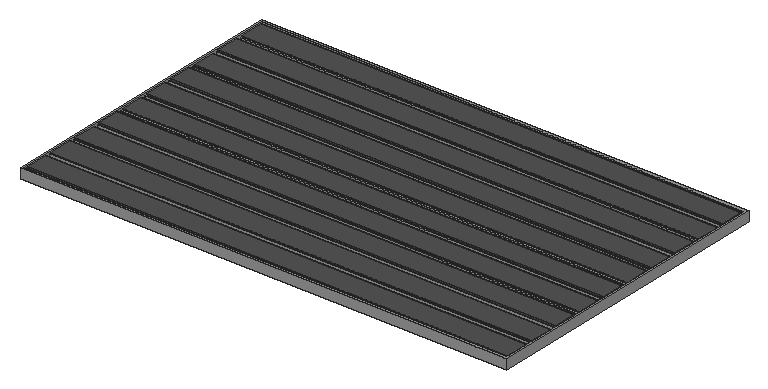
Revit family "Flooring_Entrance-Flooring_emco_DIPLOMAT-Premium", category Furniture Systems, host Face, Revit 2018 (continued)
Types in the file's own list only (99): name | z_slot_width | z_slot_offest | z_insert_width | z_insert_offset | z_edge_height | z_Height | Weight (kg/m2) | Tread surface | Slip resistance | Scraping edge | Profile width (mm) | Pile material | Normal | Model | Large | Height 22 | Height 17 | Height 12 | Flammability | EPIMID | Default Elevation | Colour fastness to water ISO 105 E01 | Colour fastness to rubbing ISO 105 X12 | Colour fastness to artificial light ISO 105-B02 | Brush strip
  With Innova insert 512 P Innova | 5 mm | 30 mm | 28 mm | 33 mm | 16 mm | 12 mm | 86 | "The exceptionally flexible Innova insert not only creates a sophisticated impression but also improves room acoustics." | "R 12 slip resistance as per DIN 51130" | No | "27.5 mm" | "100% PA 6 (polyamide)" | Yes | "With Innova insert 512 P Innova" | No | No | No | Yes | "Fire classification for the complete mat system Cfl-s1 in accordance with EN 13501" | "99842" | 1219 mm | "good 4-5" | "good 4-5" | "good 5-6" | No
  With Innova insert 517 P Innova | 5 mm | 30 mm | 28 mm | 33 mm | 20 mm | 17 mm | 9.4 | "The exceptionally flexible Innova insert not only creates a sophisticated impression but also improves room acoustics." | "R 12 slip resistance as per DIN 51130" | No | "27.5 mm" | "100% PA 6 (polyamide)" | Yes | "With Innova insert 517 P Innova" | No | No | Yes | No | "Fire classification for the complete mat system Cfl-s1 in accordance with EN 13501" | "99844" | 1219 mm | "good 4-5" | "good 4-5" | "good 5-6" | No
  With Innova insert 522 P Innova | 5 mm | 30 mm | 28 mm | 33 mm | 25 mm | 22 mm | 10.5 | "The exceptionally flexible Innova insert not only creates a sophisticated impression but also improves room acoustics." | "R 12 slip resistance as per DIN 51130" | No | "27.5 mm" | "100% PA 6 (polyamide)" | Yes | "With Innova insert 522 P Innova" | No | Yes | No | No | "Fire classification for the complete mat system Cfl-s1 in accordance with EN 13501" | "99846" | 1219 mm | "good 4-5" | "good 4-5" | "good 5-6" | No
  With Innova insert and brush strip 517 P Innova B | 20 mm | 37 mm | 28 mm | 47 mm | 20 mm | 17 mm | 9.4 | "The exceptionally flexible Innova insert not only creates a sophisticated impression but also improves room acoustics. The additional profile increases the cleaning power." | "-" | No | "27.5 mm" | "100% PA 6 (polyamide)" | Yes | "With Innova insert and brush strip 517 P Innova B" | No | No | Yes | No | "Insert with fire classification Cfl-s1 according to EN 13501." | "105735" | 1219 mm | "good 4-5" | "good 4-5" | "good 5-6" | Yes
  With Innova insert and brush strip 522 P Innova B | 20 mm | 37 mm | 28 mm | 47 mm | 25 mm | 22 mm | 10.7 | "The exceptionally flexible Innova insert not only creates a sophisticated impression but also improves room acoustics. The additional profile increases the cleaning power." | "-" | No | "27.5 mm" | "100% PA 6 (polyamide)" | Yes | "With Innova insert and brush strip 522 P Innova B" | No | Yes | No | No | "Insert with fire classification Cfl-s1 according to EN 13501." | "105736" | 1219 mm | "good 4-5" | "good 4-5" | "good 5-6" | Yes
  With Innova insert and scraping edge 512 P Innova K | 15 mm | 35 mm | 28 mm | 43 mm | 16 mm | 12 mm | 8.9 | "The exceptionally flexible Innova insert not only creates a sophisticated impression but also improves room acoustics. The additional profile increases the cleaning power." | "-" | Yes | "27.5 mm" | "100% PA 6 (polyamide)" | Yes | "With Innova insert and scraping edge 512 P Innova K" | No | No | No | Yes | "Insert with fire classification Cfl-s1 according to EN 13501." | "105732" | 1219 mm | "good 4-5" | "good 4-5" | "good 5-6" | No
  With Innova insert and scraping edge 517 P Innova K | 15 mm | 35 mm | 28 mm | 43 mm | 20 mm | 17 mm | 10.2 | "The exceptionally flexible Innova insert not only creates a sophisticated impression but also improves room acoustics. The additional profile increases the cleaning power." | "-" | Yes | "27.5 mm" | "100% PA 6 (polyamide)" | Yes | "With Innova insert and scraping edge 517 P Innova K" | No | No | Yes | No | "Insert with fire classification Cfl-s1 according to EN 13501." | "105733" | 1219 mm | "good 4-5" | "good 4-5" | "good 5-6" | No
  With Innova insert and scraping edge 522 P Innova K | 15 mm | 35 mm | 28 mm | 43 mm | 25 mm | 22 mm | 121 | "The exceptionally flexible Innova insert not only creates a sophisticated impression but also improves room acoustics. The additional profile increases the cleaning power." | "-" | Yes | "27.5 mm" | "100% PA 6 (polyamide)" | Yes | "With Innova insert and scraping edge 522 P Innova K" | No | Yes | No | No | "Insert with fire classification Cfl-s1 according to EN 13501." | "105734" | 1219 mm | "good 4-5" | "good 4-5" | "good 5-6" | No
  With Maximus Image insert 512 P Maximus Image | 5 mm | 30 mm | 28 mm | 33 mm | 16 mm | 12 mm | 87 | "The Maximus Image insert is suitable for single-colour printing in a personally chosen colour." | "R 12 slip resistance as per DIN 51130" | No | "27.5 mm" | "100% PA 6.6 (polyamide)" | Yes | "With Maximus Image insert 512 P Maximus Image" | No | No | No | Yes | "Fire classification for the complete mat system Bfl-s1 in accordance with EN 13501" | "100667" | 1219 mm | "good 5" | "good 5" | "good 5-6" | No
  With Maximus Image insert 517 P Maximus Image | 5 mm | 30 mm | 28 mm | 33 mm | 20 mm | 17 mm | 9.4 | "The Maximus Image insert is suitable for single-colour printing in a personally chosen colour." | "R 12 slip resistance as per DIN 51130" | No | "27.5 mm" | "100% PA 6.6 (polyamide)" | Yes | "With Maximus Image insert 517 P Maximus Image" | No | No | Yes | No | "Fire classification for the complete mat system Bfl-s1 in accordance with EN 13501" | "100666" | 1219 mm | "good 5" | "good 5" | "good 5-6" | No
  With Maximus Image insert 522 P Maximus Image | 5 mm | 30 mm | 28 mm | 33 mm | 25 mm | 22 mm | 10.5 | "The Maximus Image insert is suitable for single-colour printing in a personally chosen colour." | "R 12 slip resistance as per DIN 51130" | No | "27.5 mm" | "100% PA 6.6 (polyamide)" | Yes | "With Maximus Image insert 522 P Maximus Image" | No | Yes | No | No | "Fire classification for the complete mat system Bfl-s1 in accordance with EN 13501" | "100664" | 1219 mm | "good 5" | "good 5" | "good 5-6" | No
  With Maximus Image insert and brush strip 517 P Maximus Image B | 20 mm | 37 mm | 28 mm | 47 mm | 20 mm | 17 mm | 95 | "The Maximus Image insert is suitable for single-colour printing in a personally chosen colour. The additional profile increases the cleaning effect." | "-" | No | "27.5 mm" | "100% PA 6.6 (polyamide)" | Yes | "With Maximus Image insert and brush strip 517 P Maximus Image B" | No | No | Yes | No | "Insert with fire classification Bfl-s1 according to EN 13501." | "104458" | 1219 mm | "-" | "-" | "-" | Yes
  With Maximus Image insert and brush strip 522 P Maximus Image B | 20 mm | 37 mm | 28 mm | 47 mm | 25 mm | 22 mm | 10.7 | "The Maximus Image insert is suitable for single-colour printing in a personally chosen colour. The additional profile increases the cleaning effect." | "-" | No | "27.5 mm" | "100% PA 6.6 (polyamide)" | Yes | "With Maximus Image insert and brush strip 522 P Maximus Image B" | No | Yes | No | No | "Insert with fire classification Bfl-s1 according to EN 13501." | "104459" | 1219 mm | "-" | "-" | "-" | Yes
  With Maximus Image insert and scraping edge 512 P Maximus Image K | 15 mm | 35 mm | 28 mm | 43 mm | 16 mm | 12 mm | 90 | "The Maximus Image insert is suitable for single-colour printing in a personally chosen colour. The additional profile increases the cleaning effect." | "-" | Yes | "27.5 mm" | "100% PA 6.6 (polyamide)" | Yes | "With Maximus Image insert and scraping edge 512 P Maximus Image K" | No | No | No | Yes | "Insert with fire classification Bfl-s1 according to EN 13501." | "105711" | 1219 mm | "-" | "-" | "-" | No
  With Maximus Image insert and scraping edge 517 P Maximus Image K | 15 mm | 35 mm | 28 mm | 43 mm | 20 mm | 17 mm | 10.3 | "The Maximus Image insert is suitable for single-colour printing in a personally chosen colour. The additional profile increases the cleaning effect." | "-" | Yes | "27.5 mm" | "100% PA 6.6 (polyamide)" | Yes | "With Maximus Image insert and scraping edge 517 P Maximus Image K" | No | No | Yes | No | "Insert with fire classification Bfl-s1 according to EN 13501." | "105713" | 1219 mm | "-" | "-" | "-" | No
  With Maximus Image insert and scraping edge 522 P Maximus Image K | 15 mm | 35 mm | 28 mm | 43 mm | 25 mm | 22 mm | 121 | "The Maximus Image insert is suitable for single-colour printing in a personally chosen colour. The additional profile increases the cleaning effect." | "-" | Yes | "27.5 mm" | "100% PA 6.6 (polyamide)" | Yes | "With Maximus Image insert and scraping edge 522 P Maximus Image K" | No | Yes | No | No | "Insert with fire classification Bfl-s1 according to EN 13501." | "105715" | 1219 mm | "-" | "-" | "-" | No
  With MAXIMUS insert 512 P Maximus | 5 mm | 30 mm | 28 mm | 33 mm | 16 mm | 12 mm | 87 | "The stylish Maximus insert stands out from the crowd with its premium-quality tufted velour and high-end design." | "R 12 slip resistance as per DIN 51130" | No | "27.5 mm" | "100% PA 6.6 (polyamide)" | Yes | "With MAXIMUS insert 512 P Maximus" | No | No | No | Yes | "Fire classification for the complete mat system Bfl-s1 in accordance with EN 13501" | "99829" | 1219 mm | "good 5" | "good 5" | "good 5-6" | No
  With MAXIMUS insert 517 P Maximus | 5 mm | 30 mm | 28 mm | 33 mm | 20 mm | 17 mm | 9.4 | "The stylish Maximus insert stands out from the crowd with its premium-quality tufted velour and high-end design." | "R 12 slip resistance as per DIN 51130" | No | "27.5 mm" | "100% PA 6.6 (polyamide)" | Yes | "With MAXIMUS insert 517 P Maximus" | No | No | Yes | No | "Fire classification for the complete mat system Bfl-s1 in accordance with EN 13501" | "99828" | 1219 mm | "good 5" | "good 5" | "good 5-6" | No
  With MAXIMUS insert 522 P Maximus | 5 mm | 30 mm | 28 mm | 33 mm | 25 mm | 22 mm | 10.5 | "The stylish Maximus insert stands out from the crowd with its premium-quality tufted velour and high-end design." | "R 12 slip resistance as per DIN 51130" | No | "27.5 mm" | "100% PA 6.6 (polyamide)" | Yes | "With MAXIMUS insert 522 P Maximus" | No | Yes | No | No | "Fire classification for the complete mat system Bfl-s1 in accordance with EN 13501" | "99830" | 1219 mm | "good 5" | "good 5" | "good 5-6" | No
  With Maximus insert and brush strip 517 P Maximus B | 20 mm | 37 mm | 28 mm | 47 mm | 20 mm | 17 mm | 95 | "The stylish Maximus insert stands out from the crowd with its premium-quality tufted velour and high-end design. The additional profile increases the cleaning power." | "-" | No | "27.5 mm" | "100% PA 6.6 (polyamide)" | Yes | "With Maximus insert and brush strip 517 P Maximus B" | No | No | Yes | No | "Insert with fire classification Bfl-s1 according to EN 13501." | "104457" | 1219 mm | "-" | "-" | "-" | Yes
  With Maximus insert and brush strip 522 P Maximus B | 20 mm | 37 mm | 28 mm | 47 mm | 25 mm | 22 mm | 10.7 | "The stylish Maximus insert stands out from the crowd with its premium-quality tufted velour and high-end design. The additional profile increases the cleaning power." | "-" | No | "27.5 mm" | "100% PA 6.6 (polyamide)" | Yes | "With Maximus insert and brush strip 522 P Maximus B" | No | Yes | No | No | "Insert with fire classification Bfl-s1 according to EN 13501." | "104460" | 1219 mm | "-" | "-" | "-" | Yes
  With Maximus insert and scraping edge 512 P Maximus K | 15 mm | 35 mm | 28 mm | 43 mm | 16 mm | 12 mm | 90 | "The stylish Maximus insert stands out from the crowd with its premium-quality tufted velour and high-end design. The additional profile increases the cleaning power." | "-" | Yes | "27.5 mm" | "100% PA 6.6 (polyamide)" | Yes | "With Maximus insert and scraping edge 512 P Maximus K" | No | No | No | Yes | "Insert with fire classification Bfl-s1 according to EN 13501." | "105710" | 1219 mm | "-" | "-" | "-" | No
  With Maximus insert and scraping edge 517 P Maximus K | 15 mm | 35 mm | 28 mm | 43 mm | 20 mm | 17 mm | 10.3 | "The stylish Maximus insert stands out from the crowd with its premium-quality tufted velour and high-end design. The additional profile increases the cleaning power." | "-" | Yes | "27.5 mm" | "100% PA 6.6 (polyamide)" | Yes | "With Maximus insert and scraping edge 517 P Maximus K" | No | No | Yes | No | "Insert with fire classification Bfl-s1 according to EN 13501." | "105712" | 1219 mm | "-" | "-" | "-" | No
  With Maximus insert and scraping edge 522 P Maximus K | 15 mm | 35 mm | 28 mm | 43 mm | 25 mm | 22 mm | 121 | "The stylish Maximus insert stands out from the crowd with its premium-quality tufted velour and high-end design. The additional profile increases the cleaning power." | "-" | Yes | "27.5 mm" | "100% PA 6.6 (polyamide)" | Yes | "With Maximus insert and scraping edge 522 P Maximus K" | No | Yes | No | No | "Insert with fire classification Bfl-s1 according to EN 13501." | "105714" | 1219 mm | "-" | "-" | "-" | No
  With Outdoor insert 512 P Outdoor | 5 mm | 30 mm | 28 mm | 33 mm | 16 mm | 12 mm | 83 | "The weather-resistant Outdoor insert for noticeably thorough removal of coarse dirt." | "R 11 slip resistance as per DIN 51130" | No | "27.5 mm" | "100% PA 6 (polyamide)" | Yes | "With Outdoor insert 512 P Outdoor" | No | No | No | Yes | "Fire classification for the complete mat system Cfl-s1 in accordance with EN 13501" | "99858" | 1219 mm | "good 4-5" | "good 4-5" | "excellent 7" | No
  With Outdoor insert 517 P Outdoor | 5 mm | 30 mm | 28 mm | 33 mm | 20 mm | 17 mm | 9.1 | "The weather-resistant Outdoor insert for noticeably thorough removal of coarse dirt." | "R 11 slip resistance as per DIN 51130" | No | "27.5 mm" | "100% PA 6 (polyamide)" | Yes | "With Outdoor insert 517 P Outdoor" | No | No | Yes | No | "Fire classification for the complete mat system Cfl-s1 in accordance with EN 13501" | "99862" | 1219 mm | "good 4-5" | "good 4-5" | "excellent 7" | No
  With Outdoor insert 522 P Outdoor | 5 mm | 30 mm | 28 mm | 33 mm | 25 mm | 22 mm | 10.2 | "The weather-resistant Outdoor insert for noticeably thorough removal of coarse dirt." | "R 11 slip resistance as per DIN 51130" | No | "27.5 mm" | "100% PA 6 (polyamide)" | Yes | "With Outdoor insert 522 P Outdoor" | No | Yes | No | No | "Fire classification for the complete mat system Cfl-s1 in accordance with EN 13501" | "99866" | 1219 mm | "good 4-5" | "good 4-5" | "excellent 7" | No
  With Outdoor insert and brush strip 517 P Outdoor B | 20 mm | 37 mm | 28 mm | 47 mm | 20 mm | 17 mm | 9.2 | "The weather-resistant Outdoor insert for noticeably thorough removal of coarse dirt. The additional profile increases the cleaning power." | "-" | No | "27.5 mm" | "100% PA 6 (polyamide)" | Yes | "With Outdoor insert and brush strip 517 P Outdoor B" | No | No | Yes | No | "Insert with fire classification Cfl-s1 according to EN 13501." | "105755" | 1219 mm | "-" | "-" | "-" | Yes
  With Outdoor insert and brush strip 522 P Outdoor B | 20 mm | 37 mm | 28 mm | 47 mm | 25 mm | 22 mm | 11.3 | "The weather-resistant Outdoor insert for noticeably thorough removal of coarse dirt. The additional profile increases the cleaning power." | "-" | No | "27.5 mm" | "100% PA 6 (polyamide)" | Yes | "With Outdoor insert and brush strip 522 P Outdoor B" | No | Yes | No | No | "Insert with fire classification Cfl-s1 according to EN 13501." | "105756" | 1219 mm | "-" | "-" | "-" | Yes
  With Outdoor insert and scraping edge 512 P Outdoor K | 15 mm | 35 mm | 28 mm | 43 mm | 16 mm | 12 mm | 87 | "The weather-resistant Outdoor insert for noticeably thorough removal of coarse dirt. The additional profile increases the cleaning power." | "-" | Yes | "27.5 mm" | "100% PA 6 (polyamide)" | Yes | "With Outdoor insert and scraping edge 512 P Outdoor K" | No | No | No | Yes | "Insert with fire classification Cfl-s1 according to EN 13501." | "105752" | 1219 mm | "-" | "-" | "-" | No
  With Outdoor insert and scraping edge 517 P Outdoor K | 15 mm | 35 mm | 28 mm | 43 mm | 20 mm | 17 mm | 10 | "The weather-resistant Outdoor insert for noticeably thorough removal of coarse dirt. The additional profile increases the cleaning power." | "-" | Yes | "27.5 mm" | "100% PA 6 (polyamide)" | Yes | "With Outdoor insert and scraping edge 517 P Outdoor K" | No | No | Yes | No | "Insert with fire classification Cfl-s1 according to EN 13501." | "105753" | 1219 mm | "-" | "-" | "-" | No
  With Outdoor insert and scraping edge 522 P Outdoor K | 15 mm | 35 mm | 28 mm | 43 mm | 25 mm | 22 mm | 119 | "The weather-resistant Outdoor insert for noticeably thorough removal of coarse dirt. The additional profile increases the cleaning power." | "-" | Yes | "27.5 mm" | "100% PA 6 (polyamide)" | Yes | "With Outdoor insert and scraping edge 522 P Outdoor K" | No | Yes | No | No | "Insert with fire classification Cfl-s1 according to EN 13501." | "105754" | 1219 mm | "-" | "-" | "-" | No
